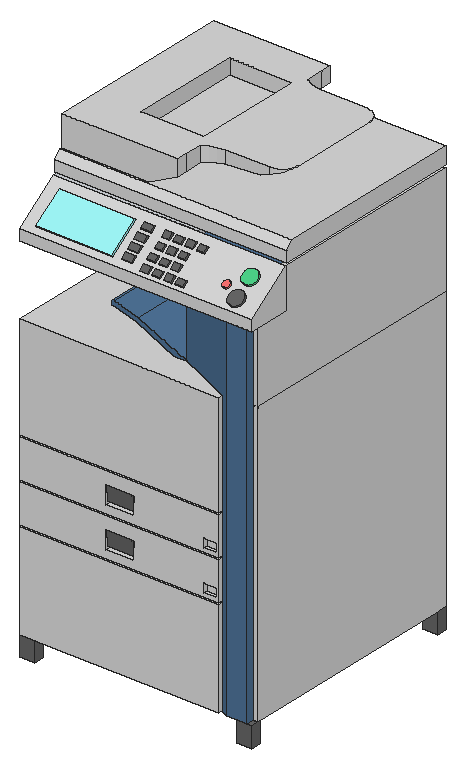
Revit family "3D_Copier_15109", category Обобщенные модели, Revit 2017
Family settings
  Может служить основой для арматурных стержней = Нет
  Размер круглого соединителя = Использовать диаметр
  Тип детали = Нормальный
  На основе рабочей плоскости = Нет
  Всегда вертикально = Да
  При загрузке вырезать с полостями = Нет
  Общий = Нет
  Точка расчета площади = Нет
Parameters
  SCREEN = COPIER SCREEN
  HANDLE = COPIER HANDLE
  COPIER 2 = COPIER 2
  COPIER = COPIER 1
Reference planes (in)
  plane 1 "Center (Front/Back)": y = 0
  plane 2: z = 0
  plane 3 "Center (Left/Right)": x = 0
  plane 4: x = 11.5
  plane 5: x = -11.5
  plane 6: y = 12
  plane 7: y = -12
  plane 8: z = 46
  plane 9: z = 30
  plane 10: z = 41
  plane 11: z = 2
  plane 12 "SCREEN 1": through (0, -7.75, 41) normal (0, 0.5736, -0.8192)
Forms (in)
  Extrusion 1, solid, material "COPIER 1" <- "COPIER"
    sketch origin (0, 0, 0) x (1, 0, 0) y (0, 1, 0)
      loop
        line (-11.5, 12) -> (-11.5, -12) -> (11.5, -12) -> (11.5, 12) -> (-11.5, 12)
    from 2 to 30
  Extrusion 2, solid, material "COPIER 2" <- "COPIER 2"
    sketch origin (0, 0, 0) x (1, 0, 0) y (0, 1, 0)
      loop
        line (-10.5, 0) -> (2.75, 0) -> (2.75, -9.08558) -> (9, -12) -> (11, -12) -> (11, 11) -> (-10.5, 11) -> (-10.5, 0)
    from 2 to 40.51027
  Extrusion 3, void
    sketch origin (0, 0, 0) x (1, 0, 0) y (0, 1, 0)
      loop
        line (8.25, -12) -> (11.5, -12) -> (11.5, -11.25) -> (8.25, -11.25) -> (8.25, -12)
    from 0 to 30
  Extrusion 4, solid, material "COPIER 1" <- "COPIER"
    sketch origin (0, 0, 0) x (1, 0, 0) y (0, 1, 0)
      loop
        line (11, -11.25) -> (11.5, -11.25) -> (11.5, 12) -> (-11.5, 12) -> (-11.5, 0) -> (-10.5, 0) -> (-10.5, 11) -> (11, 11) -> (11, -11.25)
    from 2 to 41
  Extrusion 5, void
    sketch origin (0, 0, 0) x (0, 1, 0) y (0, 0, 1)
      loop
        line (-12, 37) -> (-7.75, 37) -> (-7.75, 41) -> (-12, 41) -> (-12, 37)
    from 0 to 17.22927
  Extrusion 6, solid, material "COPIER 1" <- "COPIER"
    sketch origin (0, 0, 0) x (0, 1, 0) y (0, 0, 1)
      loop
        line (-12, 37) -> (-7.75, 37) -> (-7.75, 41) -> (-12, 38) -> (-12, 37)
    from -11.5 to 11.5
  Extrusion 7, solid
    sketch origin (0, 0, 0) x (0, 1, 0) y (0, 0, 1)
      loop
        line (-7.75, 37) -> (0, 37) -> (0, 41) -> (-7.75, 41) -> (-7.75, 37)
    from -11.5 to 2.75
  Extrusion 8, solid, material "COPIER 1" <- "COPIER"
    sketch origin (0, 0, 0) x (0, 1, 0) y (0, 0, 1)
      loop
        line (-7.7181, 41.23537) -> (12, 41.23537) -> (12, 42.94248) -> (-7.01099, 42.94248) -> (-7.7181, 42.23537) -> (-7.7181, 41.23537)
    from -11.5 to 11.5
  Extrusion 9, solid, material "COPIER 1" <- "COPIER"
    sketch origin (0, 0, 0) x (0, 1, 0) y (0, 0, 1)
      loop
        line (12, 41) -> (12, 41.23537) -> (-5.5036, 41.23537) -> (-5.5036, 41) -> (12, 41)
    from -11 to 11
  Extrusion 10, solid, material "COPIER 1" <- "COPIER"
    sketch origin (0, 0, 0) x (1, 0, 0) y (0, 0, 1)
      loop
        line (-11.5, 42.94248) -> (0, 42.94248) -> (7.96512, 46) -> (-11.5, 46) -> (-11.5, 42.94248)
    from -12 to 6.82513
  Extrusion 11, void
    sketch origin (0, 0, 0) x (1, 0, 0) y (0, 1, 0)
      loop
        line (0, 11) -> (0, 9.25)
        arc (0, 9.25) -> (0.89767, 8.79254) -> (1.87939, 8.56596) r 4.13133
        line (1.87939, 8.56596) -> (6.37939, 8.56596)
        arc (6.37939, 8.56596) -> (7.50067, 8.10151) -> (7.96512, 6.98023) r 1.58573
        line (7.96512, 6.98023) -> (7.96512, 12) -> (0, 12) -> (0, 11)
      loop
        line (0, -5.82513) -> (0, -6.82513) -> (7.96512, -6.82513) -> (7.96512, -1.80536)
        arc (7.96512, -1.80536) -> (7.50067, -2.92664) -> (6.37939, -3.39109) r 1.58573
        line (6.37939, -3.39109) -> (1.87939, -3.39109)
        arc (1.87939, -3.39109) -> (0.89767, -3.61767) -> (0, -4.07513) r 4.13133
        line (0, -4.07513) -> (0, -5.82513)
    from 42.94248 to 49.53614
  Extrusion 12, void
    sketch origin (0, 0, 0) x (1, 0, 0) y (0, 0, 1)
      loop
        line (16.9364, 46.05003) -> (0.25561, 44.59065) -> (-2.84415, 42.94248) -> (15.88093, 42.94248) -> (16.9364, 46.05003)
    from -12 to 10.49081
  Extrusion 13, void
    sketch origin (0, 0, 0) x (1, 0, 0) y (0, 1, 0)
      loop
        line (-0.58264, 8.19467) -> (-6.83264, 8.19467) -> (-6.83264, -2.80533) -> (-0.58264, -2.80533) -> (-0.58264, 8.19467)
    from 44.45474 to 49.27344
  Extrusion 14, void
    sketch origin (0, 0, 0) x (1, 0, 0) y (0, 0, 1)
      loop
        line (-11.5, 11.76882) -> (-11.5, 11.57953) -> (8.25, 11.57953) -> (8.25, 11.76882) -> (-11.5, 11.76882)
      loop
        line (-11.5, 15.76882) -> (-11.5, 15.57953) -> (8.25, 15.57953) -> (8.25, 15.76882) -> (-11.5, 15.76882)
      loop
        line (-11.5, 19.76882) -> (-11.5, 19.57953) -> (8.25, 19.57953) -> (8.25, 19.76882) -> (-11.5, 19.76882)
      loop
        line (8.0019, 12.13875) -> (8.0019, 13.03119) -> (6.7519, 13.03119) -> (6.7519, 12.13875) -> (8.0019, 12.13875)
      loop
        line (8.0019, 16.13875) -> (8.0019, 17.03119) -> (6.7519, 17.03119) -> (6.7519, 16.13875) -> (8.0019, 16.13875)
    from 11.65027 to 12
  Extrusion 15, void
    sketch origin (0, 0, 0) x (1, 0, 0) y (0, 0, 1)
      loop
        line (-3, 14.27193) -> (-3, 12.52193) -> (-0.25, 12.52193) -> (-0.25, 14.27193) -> (-3, 14.27193)
      loop
        line (-3, 18.27193) -> (-3, 16.52193) -> (-0.25, 16.52193) -> (-0.25, 18.27193) -> (-3, 18.27193)
    from 11.25 to 12
  Extrusion 16, solid, material "COPIER HANDLE" <- "HANDLE"
    sketch origin (0, 0, 0) x (0, 1, 0) y (0, 0, 1)
      loop
        line (-12, 14.27193) -> (-11.78919, 12.77193) -> (-11.73304, 12.77193) -> (-11.94386, 14.27193) -> (-12, 14.27193)
      loop
        line (-12, 18.27193) -> (-11.78919, 16.77193) -> (-11.73304, 16.77193) -> (-11.94386, 18.27193) -> (-12, 18.27193)
    from -3 to -0.25
  Extrusion 17, solid, material "COPIER 2" <- "COPIER 2"
    sketch origin (0, 0, 0) x (1, 0, 0) y (0, 0, 1)
      loop
        line (2.75, 30) -> (-2.00812, 32.21875) -> (-4.42293, 32.86579)
        arc (-4.42293, 32.86579) -> (-4.72787, 32.7236) -> (-4.64079, 32.3986) r 0.26172
        line (-4.64079, 32.3986) -> (-2.20215, 31.74517) -> (1.54038, 30) -> (2.75, 30)
    from -1.86252 to 9.08558
  Extrusion 18, solid, material "COPY GREEN BUTTON"
    sketch origin (0, -21.81337, 31.15272) x (0, 0.819152, 0.573576) y (1, 0, 0)
      loop
        circle (15.17844, 9.24757) r 0.75
    from -0.06642 to 0.31725
  Extrusion 19, solid, material "COPIER HANDLE" <- "HANDLE"
    sketch origin (0, -21.81337, 31.15272) x (0, 0.819152, 0.573576) y (1, 0, 0)
      loop
        circle (13.14878, 9.19723) r 0.75
    from -0.06642 to 0.31725
  Extrusion 20, solid, material "COPIER HANDLE" <- "HANDLE"
    sketch origin (0, -21.81337, 31.15272) x (0, 0.819152, 0.573576) y (1, 0, 0)
      loop
        line (16.21954, 0.19329) -> (16.21954, 0.94329) -> (15.61831, 0.94329) -> (15.61831, 0.19329) -> (16.21954, 0.19329)
      loop
        line (15.12985, 0.19329) -> (15.12985, 0.94329) -> (14.52861, 0.94329) -> (14.52861, 0.19329) -> (15.12985, 0.19329)
      loop
        line (14.0545, 0.19329) -> (14.0545, 0.94329) -> (13.45327, 0.94329) -> (13.45327, 0.19329) -> (14.0545, 0.19329)
      loop
        line (12.99679, 0.19329) -> (12.99679, 0.94329) -> (12.39555, 0.94329) -> (12.39555, 0.19329) -> (12.99679, 0.19329)
      loop
        line (16.21954, 1.34615) -> (16.21954, 2.09615) -> (15.61831, 2.09615) -> (15.61831, 1.34615) -> (16.21954, 1.34615)
      loop
        line (15.12985, 1.34615) -> (15.12985, 2.09615) -> (14.52861, 2.09615) -> (14.52861, 1.34615) -> (15.12985, 1.34615)
      loop
        line (14.0545, 1.34615) -> (14.0545, 2.09615) -> (13.45327, 2.09615) -> (13.45327, 1.34615) -> (14.0545, 1.34615)
      loop
        line (12.99679, 1.34615) -> (12.99679, 2.09615) -> (12.39555, 2.09615) -> (12.39555, 1.34615) -> (12.99679, 1.34615)
      loop
        line (16.21954, 2.49901) -> (16.21954, 3.24901) -> (15.61831, 3.24901) -> (15.61831, 2.49901) -> (16.21954, 2.49901)
      loop
        line (15.12985, 2.49901) -> (15.12985, 3.24901) -> (14.52861, 3.24901) -> (14.52861, 2.49901) -> (15.12985, 2.49901)
      loop
        line (14.0545, 2.49901) -> (14.0545, 3.24901) -> (13.45327, 3.24901) -> (13.45327, 2.49901) -> (14.0545, 2.49901)
      loop
        line (12.99679, 2.49901) -> (12.99679, 3.24901) -> (12.39555, 3.24901) -> (12.39555, 2.49901) -> (12.99679, 2.49901)
      loop
        line (16.21954, 3.65188) -> (16.21954, 4.40188) -> (15.61831, 4.40188) -> (15.61831, 3.65188) -> (16.21954, 3.65188)
      loop
        line (12.99679, 3.65188) -> (12.99679, 4.40188) -> (12.39555, 4.40188) -> (12.39555, 3.65188) -> (12.99679, 3.65188)
      loop
        line (16.21954, -1.90209) -> (16.21954, -0.90209) -> (15.61831, -0.90209) -> (15.61831, -1.90209) -> (16.21954, -1.90209)
      loop
        line (15.25079, -1.90209) -> (15.25079, -0.90209) -> (14.64956, -0.90209) -> (14.64956, -1.90209) -> (15.25079, -1.90209)
      loop
        line (14.28204, -1.90209) -> (14.28204, -0.90209) -> (13.68081, -0.90209) -> (13.68081, -1.90209) -> (14.28204, -1.90209)
      loop
        line (13.33777, -1.90209) -> (13.33777, -0.90209) -> (12.73653, -0.90209) -> (12.73653, -1.90209) -> (13.33777, -1.90209)
    from -0.06642 to 0.31725
  Extrusion 21, solid, material "COPIER RED BUTTON"
    sketch origin (0, -21.81337, 31.15272) x (0, 0.819152, 0.573576) y (1, 0, 0)
      loop
        circle (13.93714, 7.71518) r 0.34971
    from -0.06642 to 0.31725
  Extrusion 22, solid, material "COPIER SCREEN" <- "SCREEN"
    sketch origin (0, -21.81337, 31.15272) x (0, 0.819152, 0.573576) y (1, 0, 0)
      loop
        line (16.16149, -10.28797) -> (16.16149, -2.78797) -> (12.66149, -2.78797) -> (12.66149, -10.28797) -> (16.16149, -10.28797)
    from -0.06642 to 0.31725
  Extrusion 23, solid, material "COPIER HANDLE" <- "HANDLE"
    sketch origin (0, 0, 0) x (1, 0, 0) y (0, 1, 0)
      loop
        line (-11.5, -12) -> (-10, -12) -> (-10, -11) -> (-11.5, -11) -> (-11.5, -12)
      loop
        line (10, -12) -> (11.5, -12) -> (11.5, -11) -> (10, -11) -> (10, -12)
      loop
        line (-11.5, 11) -> (-10, 11) -> (-10, 12) -> (-11.5, 12) -> (-11.5, 11)
      loop
        line (10, 11) -> (11.5, 11) -> (11.5, 12) -> (10, 12) -> (10, 11)
    from 0 to 2
Cuts and joins
  Extrusion 3, Extrusion 14, Extrusion 15 cuts Extrusion 1
  Extrusion 5, Extrusion 14 cuts Extrusion 4
  Extrusion 5, Extrusion 14, Extrusion 15 cuts Extrusion 2
  Extrusion 11, Extrusion 12, Extrusion 13 cuts Extrusion 10
  Extrusion 12 cuts Extrusion 8
Dimensions and locks (in)
  equal spacing: plane 5, plane 3 "Center (Left/Right)", plane 4
  equal spacing: plane 6, plane 1 "Center (Front/Back)", plane 7
  plane 7 to plane 6 = 2' - 0"
  plane 5 to plane 4 = 1' - 11"
  plane 8 to level = 3' - 10"
  plane 8 to plane 9 = 1' - 4"
  plane 11 to level = 0' - 2"
  aligned and locked: plane 2 to level
  aligned and locked: Extrusion 1 sketch curve to plane 6
  aligned and locked: plane 5 to Extrusion 1 sketch curve
  aligned and locked: Extrusion 1 sketch curve to plane 7
  aligned and locked: Extrusion 1 sketch curve to plane 4
  aligned and locked: plane 9 to Extrusion 1
  aligned and locked: Extrusion 1 to plane 11
  aligned and locked: Extrusion 2 to plane 11
  aligned and locked: Extrusion 4 to Extrusion 2
  aligned and locked: Extrusion 6 to cut or joined group of Extrusion 4, Extrusion 5, Extrusion 14
  aligned and locked: Extrusion 7 to cut or joined group of Extrusion 2, Extrusion 5, Extrusion 14, Extrusion 15
  aligned and locked: cut or joined group of Extrusion 4, Extrusion 5, Extrusion 14 to Extrusion 7
  aligned and locked: Extrusion 8 to Extrusion 7
  aligned and locked: Extrusion 8 to cut or joined group of Extrusion 4, Extrusion 5, Extrusion 14
  aligned and locked: plane 11 to Extrusion 23
Automatic sketch dimensions
  plane 1 "Center (Front/Back)" to Extrusion 2 sketch curve = 0' - 0"
  plane 7 to Extrusion 2 sketch curve = 0' - 0"
  plane 5 to Extrusion 2 sketch curve = 0' - 1"
  plane 3 "Center (Left/Right)" to Extrusion 2 sketch curve = 0' - 2 3/4"
  Extrusion 2 sketch curve to plane 4 = 0' - 2 1/2"
  Extrusion 2 sketch curve to plane 4 = 0' - 0 1/2"
  Extrusion 2 sketch curve to plane 7 = 0' - 2.91442"
  Extrusion 2 sketch curve to plane 6 = 0' - 1"
  plane 7 to Extrusion 3 sketch curve = 0' - 0"
  Extrusion 3 sketch curve to plane 4 = 0' - 0"
  Extrusion 3 sketch curve to plane 7 = 0' - 0 3/4"
  Extrusion 3 sketch curve to Extrusion 3 sketch curve = 0' - 3 1/4"
  plane 1 "Center (Front/Back)" to Extrusion 4 sketch curve = 0' - 0"
  Extrusion 4 sketch curve to plane 5 = 0' - 0"
  Extrusion 4 sketch curve to plane 4 = 0' - 0"
  Extrusion 4 sketch curve to plane 6 = 0' - 0"
  plane 5 to Extrusion 4 sketch curve = 0' - 1"
  Extrusion 4 sketch curve to plane 7 = 0' - 0 3/4"
  Extrusion 4 sketch curve to plane 6 = 0' - 1"
  Extrusion 4 sketch curve to plane 4 = 0' - 0 1/2"
  Extrusion 5 sketch curve to plane 7 = 0' - 0"
  Extrusion 5 sketch curve to plane 10 = 0' - 0"
  Extrusion 5 sketch curve to plane 7 = 0' - 4 1/4"
  Extrusion 5 sketch curve to plane 10 = 0' - 4"
  Extrusion 6 sketch curve to plane 7 = 0' - 0"
  Extrusion 6 sketch curve to plane 10 = 0' - 0"
  Extrusion 6 sketch curve to plane 7 = 0' - 4 1/4"
  Extrusion 6 sketch curve to plane 10 = 0' - 3"
  Extrusion 6 sketch curve to Extrusion 6 sketch curve = 0' - 1"
  Extrusion 7 sketch curve to plane 10 = 0' - 0"
  Extrusion 7 sketch curve to plane 1 "Center (Front/Back)" = 0' - 0"
  Extrusion 7 sketch curve to plane 7 = 0' - 4 1/4"
  Extrusion 7 sketch curve to plane 10 = 0' - 4"
  Extrusion 8 sketch curve to plane 6 = 0' - 0"
  plane 10 to Extrusion 8 sketch curve = 0' - 1.94248"
  Extrusion 8 sketch curve to plane 7 = 0' - 4.98901"
  plane 10 to Extrusion 8 sketch curve = 0' - 0.23537"
  Extrusion 8 sketch curve to Extrusion 8 sketch curve = 0' - 0.70711"  (x2)
  Extrusion 9 sketch curve to plane 10 = 0' - 0"
  Extrusion 9 sketch curve to plane 6 = 0' - 0"
  plane 10 to Extrusion 9 sketch curve = 0' - 0.23537"
  plane 1 "Center (Front/Back)" to Extrusion 9 sketch curve = 0' - 5.5036"
  Extrusion 10 sketch curve to plane 5 = 0' - 0"
  Extrusion 10 sketch curve to plane 3 "Center (Left/Right)" = 0' - 0"
  Extrusion 10 sketch curve to plane 8 = 0' - 0"
  Extrusion 10 sketch curve to plane 4 = 0' - 3.53488"
  plane 10 to Extrusion 10 sketch curve = 0' - 1.94248"
  Extrusion 11 sketch curve to plane 3 "Center (Left/Right)" = 0' - 0"  (x2)
  Extrusion 11 sketch curve to plane 6 = 0' - 0"
  plane 3 "Center (Left/Right)" to Extrusion 11 sketch curve = 0' - 1.87939"  (x2)
  plane 3 "Center (Left/Right)" to Extrusion 11 sketch curve = 0' - 2.31067"  (x2)
  plane 6 to Extrusion 11 sketch curve = 0' - 0.67471"
  Extrusion 11 sketch curve to Extrusion 11 sketch curve = 0' - 4 1/2"  (x2)
  Extrusion 11 sketch curve to Extrusion 11 sketch curve = 0' - 1.58573"
  Extrusion 11 sketch curve to plane 4 = 0' - 3.53488"
  Extrusion 11 sketch curve to Extrusion 11 sketch curve = 0' - 1"  (x2)
  Extrusion 11 sketch curve to Extrusion 11 sketch curve = 0' - 1 3/4"  (x2)
  plane 1 "Center (Front/Back)" to Extrusion 11 sketch curve = 0' - 1.80536"
  Extrusion 11 sketch curve to Extrusion 11 sketch curve = 0' - 0.68404"
  Extrusion 12 sketch curve to plane 3 "Center (Left/Right)" = 0' - 2.84415"
  plane 3 "Center (Left/Right)" to Extrusion 12 sketch curve = 0' - 0.25561"
  Extrusion 12 sketch curve to plane 8 = 0' - 1.40935"
  plane 3 "Center (Left/Right)" to Extrusion 12 sketch curve = 1' - 3.88093"
  plane 10 to Extrusion 12 sketch curve = 0' - 1.94248"
  plane 8 to Extrusion 12 sketch curve = 0' - 0.05003"
  Extrusion 12 sketch curve to Extrusion 12 sketch curve = 0' - 1.05547"
  plane 5 to Extrusion 13 sketch curve = 0' - 4.66736"
  Extrusion 13 sketch curve to plane 3 "Center (Left/Right)" = 0' - 0.58264"
  plane 1 "Center (Front/Back)" to Extrusion 13 sketch curve = 0' - 2.80533"
  Extrusion 13 sketch curve to plane 6 = 0' - 3.80533"
  Extrusion 14 sketch curve to plane 5 = 0' - 0"  (x3)
  Extrusion 14 sketch curve to plane 4 = 0' - 4.7481"
  Extrusion 14 sketch curve to Extrusion 14 sketch curve = 0' - 0"
  Extrusion 14 sketch curve to Extrusion 14 sketch curve = 0' - 1 1/4"  (x2)
  Extrusion 14 sketch curve to Extrusion 14 sketch curve = 0' - 0.2481"  (x3)
  plane 11 to Extrusion 14 sketch curve = 0' - 9.57953"
  Extrusion 14 sketch curve to Extrusion 14 sketch curve = 0' - 0.18929"  (x3)
  Extrusion 14 sketch curve to Extrusion 14 sketch curve = 0' - 0.36993"  (x2)
  Extrusion 14 sketch curve to Extrusion 14 sketch curve = 0' - 0.89244"  (x2)
  Extrusion 14 sketch curve to Extrusion 14 sketch curve = 0' - 3.81071"
  Extrusion 14 sketch curve to Extrusion 14 sketch curve = 0' - 2.54834"
  Extrusion 15 sketch curve to plane 3 "Center (Left/Right)" = 0' - 3"
  Extrusion 15 sketch curve to Extrusion 15 sketch curve = 0' - 0"
  Extrusion 15 sketch curve to plane 3 "Center (Left/Right)" = 0' - 0 1/4"  (x2)
  plane 11 to Extrusion 15 sketch curve = 0' - 10.52193"
  Extrusion 15 sketch curve to Extrusion 15 sketch curve = 0' - 1 3/4"  (x2)
  Extrusion 15 sketch curve to Extrusion 15 sketch curve = 0' - 2 1/4"
  Extrusion 16 sketch curve to plane 7 = 0' - 0"  (x2)
  Extrusion 16 sketch curve to plane 7 = 0' - 0.05614"  (x2)
  Extrusion 16 sketch curve to plane 7 = 0' - 0.21081"  (x2)
  Extrusion 16 sketch curve to Extrusion 16 sketch curve = 0' - 0.05614"  (x2)
  plane 11 to Extrusion 16 sketch curve = 0' - 10.77193"
  Extrusion 16 sketch curve to Extrusion 16 sketch curve = 0' - 1 1/2"  (x2)
  Extrusion 16 sketch curve to Extrusion 16 sketch curve = 0' - 2 1/2"
  Extrusion 17 sketch curve to plane 9 = 0' - 0"
  Extrusion 17 sketch curve to plane 3 "Center (Left/Right)" = 0' - 4.64079"
  Extrusion 17 sketch curve to plane 3 "Center (Left/Right)" = 0' - 2.20215"
  Extrusion 17 sketch curve to Extrusion 17 sketch curve = 0' - 0.19404"
  plane 3 "Center (Left/Right)" to Extrusion 17 sketch curve = 0' - 1.54038"
  Extrusion 17 sketch curve to Extrusion 17 sketch curve = 0' - 1.20962"
  plane 9 to Extrusion 17 sketch curve = 0' - 1.74517"
  Extrusion 17 sketch curve to Extrusion 17 sketch curve = 0' - 0.47358"
  Extrusion 17 sketch curve to Extrusion 17 sketch curve = 0' - 0.15012"
  plane 9 to Extrusion 17 sketch curve = 0' - 2.86579"
  Extrusion 17 sketch curve to Extrusion 17 sketch curve = 0' - 0.06774"
  Extrusion 17 sketch curve to Extrusion 17 sketch curve = 0' - 0.46719"
  Extrusion 18 sketch curve to plane 4 = 0' - 2.25243"
  Extrusion 19 sketch curve to plane 4 = 0' - 2.30277"
  Extrusion 21 sketch curve to plane 4 = 0' - 3.78482"
  plane 5 to Extrusion 22 sketch curve = 0' - 1.21203"
  Extrusion 22 sketch curve to Extrusion 22 sketch curve = 0' - 3 1/2"
  Extrusion 22 sketch curve to plane 3 "Center (Left/Right)" = 0' - 2.78797"
  plane 3 "Center (Left/Right)" to Extrusion 20 sketch curve = 0' - 3.65188"
  plane 3 "Center (Left/Right)" to Extrusion 20 sketch curve = 0' - 0.94329"
  Extrusion 20 sketch curve to Extrusion 20 sketch curve = 0' - 0"  (x22)
  Extrusion 20 sketch curve to Extrusion 20 sketch curve = 0' - 0.34098"
  Extrusion 20 sketch curve to Extrusion 20 sketch curve = 0' - 0.60123"  (x13)
  plane 3 "Center (Left/Right)" to Extrusion 20 sketch curve = 0' - 0.19329"  (x4)
  Extrusion 20 sketch curve to Extrusion 20 sketch curve = 0' - 0.45648"  (x2)
  Extrusion 20 sketch curve to Extrusion 20 sketch curve = 0' - 0.34304"
  Extrusion 20 sketch curve to Extrusion 20 sketch curve = 0' - 0.47411"
  Extrusion 20 sketch curve to Extrusion 20 sketch curve = 0' - 0.36752"  (x2)
  Extrusion 20 sketch curve to Extrusion 20 sketch curve = 0' - 0.48846"  (x2)
  Extrusion 20 sketch curve to plane 3 "Center (Left/Right)" = 0' - 0.90209"  (x2)
  Extrusion 20 sketch curve to Extrusion 20 sketch curve = 0' - 1"  (x2)
  Extrusion 20 sketch curve to Extrusion 20 sketch curve = 0' - 0 3/4"  (x7)
  Extrusion 20 sketch curve to Extrusion 20 sketch curve = 0' - 0.40286"  (x10)
  Extrusion 23 sketch curve to plane 5 = 0' - 0"  (x2)
  Extrusion 23 sketch curve to plane 6 = 0' - 0"  (x2)
  plane 7 to Extrusion 23 sketch curve = 0' - 0"  (x2)
  Extrusion 23 sketch curve to plane 4 = 0' - 0"  (x2)
  plane 5 to Extrusion 23 sketch curve = 0' - 1 1/2"
  Extrusion 23 sketch curve to Extrusion 23 sketch curve = 0' - 1 1/2"  (x2)
  Extrusion 23 sketch curve to plane 4 = 0' - 1 1/2"
  Extrusion 23 sketch curve to plane 7 = 0' - 1"
  Extrusion 23 sketch curve to Extrusion 23 sketch curve = 0' - 1"  (x3)
  radius of Extrusion 18 sketch curve = 0' - 0 3/4"
  radius of Extrusion 19 sketch curve = 0' - 0 3/4"
  radius of Extrusion 21 sketch curve = 0' - 0.34971"
Nested families (in)
  nested 1: "COPIER" at (0, 6.19467, 0), type "COPIER"
Definition of nested family "COPIER"
  Reference planes (in)
    plane 1 "Center Front/Back": y = 0
    plane 2: z = 0
    plane 3 "Center Left/Right": x = 0
  Lines and regions (in)
    symbolic lines
      curve 1: line (-15.70126, 5.83661, 0) -> (14.3401, 5.83661, 0)
      curve 2: line (-15.70126, -10.08559, 0) -> (-15.70126, 5.83661, 0)
      curve 3: line (14.3401, -10.08559, 0) -> (-15.70126, -10.08559, 0)
      curve 4: line (14.3401, 5.83661, 0) -> (14.3401, -10.08559, 0)
      curve 5: line (-9.67019, -6.1478, 0) -> (-4.66502, -6.1478, 0)
      curve 6: line (-9.67019, -8.13484, 0) -> (-9.67019, -6.1478, 0)
      curve 7: line (-4.66502, -8.13484, 0) -> (-9.67019, -8.13484, 0)
      curve 8: line (-4.66502, -6.1478, 0) -> (-4.66502, -8.13484, 0)
      curve 9: line (-13.67017, -6.15817, 0) -> (-11.665, -6.15817, 0)
      curve 10: line (-13.67017, -8.15298, 0) -> (-13.67017, -6.15817, 0)
      curve 11: line (-11.665, -8.15298, 0) -> (-13.67017, -8.15298, 0)
      curve 12: line (-11.665, -6.15817, 0) -> (-11.665, -8.15298, 0)
      curve 13: line (-2.66503, -8.12966, 0) -> (9.30124, -8.12966, 0)
      curve 14: line (-2.66503, 4.9014, 0) -> (-2.66503, -8.12966, 0)
      curve 15: line (9.30124, 4.9014, 0) -> (-2.66503, 4.9014, 0)
      curve 16: line (9.30124, -8.12966, 0) -> (9.30124, 4.9014, 0)
      curve 17: line (-6.67538, -4.14004, 0) -> (-3.69871, -4.14004, 0)
      curve 18: line (-6.67538, 4.86771, 0) -> (-6.67538, -4.14004, 0)
      curve 19: line (-3.69871, 4.86771, 0) -> (-6.67538, 4.86771, 0)
      curve 20: line (-3.69871, -4.14004, 0) -> (-3.69871, 4.86771, 0)
      curve 21: line (-14.66499, -5.13226, 0) -> (-14.66499, -8.16075, 0)
      curve 22: line (-3.6728, -5.13226, 0) -> (-14.66499, -5.13226, 0)
      curve 23: line (-3.6728, -8.16075, 0) -> (-3.6728, -5.13226, 0)
      curve 24: line (1.33499, -8.12966, 0) -> (1.33499, -9.11929, 0)
      curve 25: line (1.33499, -9.11929, 0) -> (5.33757, -9.11929, 0)
      curve 26: line (5.33757, -9.11929, 0) -> (5.33757, -8.12966, 0)
      curve 27: line (14.3401, -7.09334, 0) -> (16.28464, -9.03788, 0)
      curve 28: line (16.28464, -9.03788, 0) -> (17.33739, -9.03788, 0)
      curve 29: line (17.33739, -9.03788, 0) -> (17.33739, -5.08805, 0)
      curve 30: line (17.33739, -5.08805, 0) -> (16.32453, -4.07518, 0)
      curve 31: line (16.32453, -4.07518, 0) -> (16.32453, -0.07518, 0)
      curve 32: line (16.32453, -0.07518, 0) -> (17.31161, 0.9119, 0)
      curve 33: line (17.31161, 0.9119, 0) -> (17.31161, 4.9119, 0)
      curve 34: line (17.31161, 4.9119, 0) -> (16.29362, 4.9119, 0)
      curve 35: line (16.29362, 4.9119, 0) -> (14.3401, 2.95838, 0)
      curve 36: line (-5.67017, -6.1478, 0) -> (-5.67017, -8.13484, 0)
      curve 37: line (-4.66502, -7.14132, 0) -> (-9.67019, -7.14132, 0)
      curve 38: line (-8.67018, -6.1478, 0) -> (-8.67018, -8.13484, 0)
      curve 39: line (-7.66503, -8.13484, 0) -> (-7.66503, -6.1478, 0)
      curve 40: line (-6.67018, -6.1478, 0) -> (-6.67018, -8.13484, 0)
  Dimensions and locks (in)
    aligned and locked: level to plane 2
